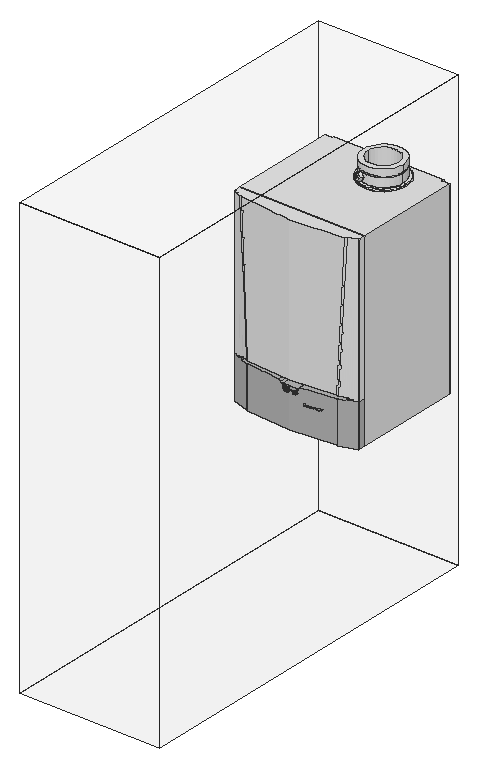
Revit family "Remeha_QuintaPro55_LOD-5", category Mechanical Equipment, Revit 2015
Parameters (values of type "Quinta Pro 55")
  Weekly = "0"
  Water Treatment Required = yes
  Water Content = 6.4 L
  Warranty ID = ""
  Voltage = 230 V
  URL = "http://www.remeha.co.uk"
  Type Comments = ""
  Type = "Space heating"
  Turndown Ratio = "4.9"
  Supply Phase = 1
  Starting Current = 0 A
  Sound Pressure Level = "45 dBA"
  Shipping Weight = 66.00 kg
  Shape = "Rectangular (Vertical)"
  Safety Valve Connection Type = "Unset"
  Safety Valve Connection Size = 0.000 mm
  Responsible Sourcing of Materials = "0"
  Responsible Extraction of Materials = "0"
  Reference Standard = "2009/142EC 92/42EEC"
  Rated Output = 55300 W
  Rated Criteria = "80/60"
  Quarterly = "0"
  Product Range = "Quinta Pro 55"
  Product Model Number = "7678435"
  Product Literature = "https://www.remeha.co.uk/en/Products/Wall-Hung-Range/Quinta-Pro"
  Primary Fuel = "Gas - NG"
  Overall Width = 500.000 mm
  Overall Length = 500.000 mm
  Overall Height = 750.000 mm
  Optional Fuel = "Gas - LPG"
  Operation and Maintenance Manual = "https://www.remeha.co.uk/en/Products/Wall-Hung-Range/Quinta-Pro"
  Oil Consumption rate = 0
  Nominal Oil Inlet Pressure = 0.00 bar
  Nominal Gas Inlet Pressure = 0.017 bar
  NOx Emissions = "32 mg/kWh"
  Mounting = "Wall Mounted"
  Monthly = "0"
  Model = "Quinta Pro 55"
  Minimum Power Consumption = 23 W
  Minimum Operating Pressure = 0.80 bar
  Minimum Oil Inlet Pressure = 0.00 bar
  Minimum Gas Inlet Pressure = 0.017 bar
  Minimum Flow Rate at 20C temperature differential = 0.66 L/s
  Minimum Flow Rate at 11C temperature differential = 1.2 L/s
  Maximum Power Consumption = 88 W
  Maximum Operating Pressure = 4.00 bar
  Maximum Oil Inlet Pressure = 0.00 bar
  Maximum Gas Inlet Pressure = 0.025 bar
  Material Ingredient Reporting = "0"
  Manufacturer Website = "http://www.remeha.co.uk/"
  Manufacturer = "Remeha Commercial"  # constant formula
  Maintenance Required 8001 to 12000hrs = "0"
  Maintenance Required 601 to 1000hrs = "0"
  Maintenance Required 4001 to 8000hrs = "0"
  Maintenance Required 301 to 600hrs = "0"
  Maintenance Required 2001 to 4000hrs = "0"
  Maintenance Required 1001 to 2000hrs = "0"
  Maintenance Required 0 to 300hrs = "0"
  Location of Manufacturer = "0"
  Life Cycle Analysis = "0"
  Keynote = "Flue Connection size can vary between 100/150 concentric."
  Interlocks = yes
  IfcExportType = "NOTDEFINED"  # constant formula
  IfcExportAs = "IfcBoilerType"  # constant formula
  IP Rating = "X4D"
  IK Rating = "0"
  Hydraulic Resistance at 20C temperature differential = 0.13 bar
  Hydraulic Resistance at 11C temperature differential = 0.43 bar
  Heater Operation = "Condensing"
  Heat Exchanger Material = "Aluminium"
  Gross Weight = 66.40 kg
  Green Guide for Specification = "0"
  Gas Consumption rate = "6.0 m3/h"
  Fuse Rating = 6.3 A
  Full Load Current = 0 A
  Fuel Connection Type = "Threaded"
  Fuel Connection Size = 20.000 mm
  Frequency = 50 Hz
  Flue or Air Intake Classification = "B23,B23P,B33,C13,C33,C43,C53,C63,C83,C93"
  Flue Connection size = 100.000 mm
  Flow and Return Connection Type = "Threaded"
  Flow and Return Connection Size = 32.000 mm
  Finish = "High Polish Gardner 60 GRAD 91EH"
  Features = "Remeha's Quinta Pro range are compact high efficiency wall hung condensing boilers. Lighter and more efficienct, their small size make them ideally suited to modular arrangments"
  External Material = "Steel"
  Expected Life = "15"
  ErP Seasonal Efficiency = "93.0%"
  ErP Rated Efficiency at Part Load = "97.9%"
  ErP Rated Efficiency at Full Load = "88.1%"
  ErP Energy Label = "A"
  Environmental Product Declaration = "0"
  Energy Technology List = "0"
  Embodied Carbon = "0"
  Drain Connection Type = "Unset"
  Drain Connection Size = 0.000 mm
  Description = "Condensing Boiler"  # constant formula
  Default Elevation = 0.000 mm  # constant formula
  Daily = "0"
  Control Type = "0 - 10V, Open Therm, Volt free enable, Direct boiler weather compensating control systems available from Remeha as optional extra's."
  Configuration = "Single boiler"
  Condensate Drain Type = "Plain"
  Condensate Drain Size = 32.000 mm
  Colour = "RAL 9016"
  Clearance Box Visibility [instance] = yes
  Classification.Uniclass.Pr.Number [instance] = "Pr_60_60_08_34"
  Classification.Uniclass.Pr.Description [instance] = "Gas fired Condensing Boilers"
  CE Mark = "0063CL3333"
  Burner Control Type = "Modulating"
  Building Regulations Seasonal Efficiency = "96.04%"
  Bespoke Timeframe = "0"
  BMS Links = yes
  Assembly Code = "D3020100"
  Annually = "As per attached URL O & M Manual"
  Air Inlet Connection Size = 150.000 mm
  Additional Technical Details = "https://www.remeha.co.uk/en/Products/Wall-Hung-Range/Quinta-Pro"
  Access Clearance Top = 400.000 mm
  Access Clearance Right = 30.000 mm
  Access Clearance Rear = 0.000 mm
  Access Clearance Left = 30.000 mm
  Access Clearance Front = 1000.000 mm
  Access Clearance Bottom = 600.000 mm
  6 Monthly = "0"
Reference planes
  plane 1 "Center (Front/Back)": y = 0
  plane 2: z = 0
  plane 3 "Center (Left/Right)": x = 0
  plane 4: x = -250
  plane 5: x = 250
  plane 6: y = 250
  plane 7: y = -250
  plane 8: z = 1364.999
  plane 9: y = -1250
  plane 10: x = -280
  plane 11: x = 280
  plane 12: z = 1764.999
  plane 13: z = 0
  plane 14: z = 608.649
  plane 15: z = 614.999
  plane 16: y = 250
  plane 17: z = 600
Forms (mm)
  Sweep 1, solid, material "Glass - Clear - Amber", visible <- "Clearance Box Visibility"
    path origin (0, 0, 240) x (1, 0, 0) y (0, 0, 1)
      loop
        line (0, 1524.999) -> (0, -240)
    profile origin (0, 0, 882.5) x (0, -1, 0) y (1, 0, 0)
      loop
        line (-250, -280) -> (1250, -280) -> (1250, 280) -> (-250, 280) -> (-250, -280)
Dimensions and locks
  equal spacing: plane 4, plane 3 "Center (Left/Right)", plane 5
  plane 4 to plane 5 = 500.000 mm
  equal spacing: plane 7, plane 1 "Center (Front/Back)", plane 6
  plane 7 to plane 6 = 500.000 mm
  plane 7 to plane 9 = 1000.000 mm
  plane 10 to plane 4 = 30.000 mm
  plane 5 to plane 11 = 30.000 mm
  plane 12 to plane 8 = 400.000 mm
  locked: plane 15 to plane 14 at 6.35
  plane 8 to plane 15 = 750.000 mm
  plane 16 to plane 6 = 0.000 mm
  locked: plane 15 to plane 17 at 14.999
  plane 17 to level = 600.000 mm
  aligned and locked: level to plane 2
  aligned and locked: plane 3 "Center (Left/Right)" to nested 1
  aligned and locked: plane 1 "Center (Front/Back)" to nested 1
  aligned and locked: Sweep 1 sketch curve to plane 3 "Center (Left/Right)"
  aligned and locked: plane 12 to Sweep 1 sketch curve
  aligned and locked: plane 13 to Sweep 1 sketch curve
  aligned and locked: plane 16 to Sweep 1 sketch curve
  aligned and locked: plane 10 to Sweep 1 sketch curve
  aligned and locked: Sweep 1 sketch curve to plane 11
  aligned and locked: plane 9 to Sweep 1 sketch curve
  aligned and locked: plane 8 to nested 1
Nested families
  nested 1: "Quinta-Pro_30-115" at (0, 0, 600), type "Quinta-Pro_30-115"
Connectors
  piping at (23.524, 63.109, 1391.639), diameter 21.83
    settings: on nested 1, index 2, connector inside diameter 21.830 mm, connector length 0.000 mm, flow factor 0, pipe flow 0 L/s, pressure drop 0.00 Pa, fitting loss kfactor 0, connector angle 0.00°, fixture units 0, engagement length 0.000 mm, angle of deflection 0.00°, flow configuration 0, flow direction 2, fitting loss method 0, system type 22, joint type 0, gender type 0, connector reference index -1, connector utility 0, adjustable connector no, is connector primary yes, connector description "Outlet For Measuring Combustion Gases"
  electrical at (250, 100.992, 986.824)
    settings: on nested 1, index 3, voltage 230 V, apparent load 0 VA, apparent load phase1 0 VA, apparent load phase2 0 VA, apparent load phase3 0 VA, power factor 1, load classification "Power", number of poles 1, system type 30, power factor state 1, is connector primary yes, connector utility yes, sub classification motor yes, connector description "Power"
  piping at (-115, 200, 605.931), diameter 32
    settings: on nested 1, index 4, connector inside diameter 31.750 mm, connector length 0.000 mm, flow factor 0, pipe flow 0 L/s, pressure drop 0.00 Pa, fitting loss kfactor 0, connector angle 0.00°, fixture units 0, engagement length 0.000 mm, angle of deflection 0.00°, flow configuration 0, flow direction 2, fitting loss method 0, system type 19, joint type 0, gender type 0, connector reference index -1, connector utility 1, adjustable connector no, is connector primary no, connector description "Heating Circuit Return"
  piping at (59, 200, 605.931), diameter 32
    settings: on nested 1, index 5, connector inside diameter 19.000 mm, connector length 0.000 mm, flow factor 0, pipe flow 0 L/s, pressure drop 0.00 Pa, fitting loss kfactor 0, connector angle 0.00°, fixture units 0, engagement length 0.000 mm, angle of deflection 0.00°, flow configuration 0, flow direction 2, fitting loss method 0, system type 16, joint type 0, gender type 0, connector reference index -1, connector utility 1, adjustable connector no, is connector primary no, connector description "Siphon Connection Bush"
  piping at (120, 200, 605.931), diameter 32
    settings: on nested 1, index 6, connector inside diameter 31.750 mm, connector length 0.000 mm, flow factor 0, pipe flow 0 L/s, pressure drop 0.00 Pa, fitting loss kfactor 0, connector angle 0.00°, fixture units 0, engagement length 0.000 mm, angle of deflection 0.00°, flow configuration 0, flow direction 1, fitting loss method 0, system type 7, joint type 0, gender type 0, connector reference index -1, connector utility 1, adjustable connector no, is connector primary no, connector description "Heating Circuit Flow"
  piping at (200, 200, 605.931), diameter 20
    settings: on nested 1, index 7, connector inside diameter 19.000 mm, connector length 0.000 mm, flow factor 0, pipe flow 0 L/s, pressure drop 0.00 Pa, fitting loss kfactor 0, connector angle 0.00°, fixture units 0, engagement length 0.000 mm, angle of deflection 0.00°, flow configuration 0, flow direction 1, fitting loss method 0, system type 22, joint type 0, gender type 0, connector reference index -1, connector utility 1, adjustable connector no, is connector primary no, connector description "Gas Connection"
  hvac at (59, 150, 1437.229)
    settings: on nested 1, index 8, duct flow 0 m³/h, flow factor 0, pres drop 0.00 bar, loss coef 0, conn angle 0.00°, conn width 12", conn height 12", conn diameter 5.90551", duct sys type 1, conn prof type 0, flow config 0, flow direction 1, loss method 0, conn ref index -1, conn util yes, is conn primary yes, conn desc "Air Intake Connection"
Definition of nested family "Quinta-Pro_30-115"
  Parameters (values of type "Quinta-Pro_30-115")
    Voltage = 230000 V  # constant formula
    URL = "http://www.remeha.co.uk"
    Type Comments = ""
    Text Material = none
    Siphon Connection Bush Offset = 191.000 mm  # constant formula
    Power Factor = 1
    Number of Poles = 1
    Model = "Quinta Pro"  # constant formula
    Manufacturer = ""
    Logo = none
    Load Sub-Classification Motor = yes
    Load Classification = none
    Keynote = ""
    Heating Circuit Return Offset = 365.000 mm  # constant formula
    Heating Circuit Return Connection Size = 31.750 mm  # constant formula
    Heating Circuit Return Connection Radius = Heating Circuit Return Connection Size / 2  # 15.875 mm
    Heating Circuit Flow Connection Size = 31.750 mm  # constant formula
    Heating Circuit Flow Offset = 130.000 mm  # constant formula
    Heating Circuit Flow Connection Radius = Heating Circuit Flow Connection Size / 2  # 15.875 mm
    Gas Connection Size = 19.050 mm  # constant formula
    Gas Connection Radius = Gas Connection Size / 2  # 9.525 mm
    Gas Connection Offset = 50.000 mm  # constant formula
    Description = "Wall-Hung Gas Condensing Boilers"  # constant formula
    Default Elevation = 1219.200 mm
    Cost = 0
    Combustion Gas Exhaust Pipe Size = 80.000 mm  # constant formula
    Combustion Gas Exhaust Pipe Radius = Combustion Gas Exhaust Pipe Size / 2  # 40.000 mm
    Casing = none
    Flue Gas Outlet Offset = 191.000 mm  # constant formula
    Instrument Box Panel = none
    Bolier Height = 750.000 mm  # constant formula
    Boiler Width = 500.000 mm  # constant formula
    Boiler Depth = 500.000 mm  # constant formula
    Assembly Code = ""
    Apparent Load = 0 VA
  Reference planes
    plane 1 "Center (Front/Back)": y = 0
    plane 2: z = 0
    plane 3 "Center (Left/Right)": x = 0
    plane 4 "Left": x = -250
    plane 5 "Right": x = 250
    plane 6 "Back": y = 250
    plane 7 "Front": y = -250
    plane 8: z = 764.999
    plane 9: z = 389.999
    plane 10: x = 59
    plane 11: y = -182.5
    plane 12: y = 244.5
    plane 13: z = 8.649
    plane 14: y = 150
    plane 15: z = 777.088
    plane 16: z = 758.649
    plane 17: z = 14.999
    plane 18: y = -148.4
    plane 19: x = -199.2
    plane 20: x = 199.2
    plane 21 "Gas Connection": x = 200
    plane 22 "Heating Circuit Flow": x = 120
    plane 23 "Siphon Connection Bush": x = 59
    plane 24 "Heating Circuit Return": x = -115
    plane 25 "Connection Center": y = 200
    plane 26: y = 91.011
    plane 27: y = 72.791
    plane 28: y = 70
  Forms (mm)
    Extrusion 1, solid, material <- "Casing"
      sketch origin (0, 0, 0) x (1, 0, 0) y (0, 1, 0)
        loop
          arc (250, 242.738) -> (249.484, 243.984) -> (248.238, 244.5) r 1.762
          line (248.238, 244.5) -> (220, 244.5) -> (220, 250) -> (-220, 250) -> (-220, 244.5) -> (-248.238, 244.5)
          arc (-248.238, 244.5) -> (-249.484, 243.984) -> (-250, 242.738) r 1.762
          line (-250, 242.738) -> (-250, -182.5) -> (-235, -182.5) -> (-235, 229.5) -> (-219, 229.5) -> (-219, 249) -> (219, 249) -> (219, 229.5) -> (235, 229.5) -> (235, -182.5) -> (250, -182.5) -> (250, 242.738)
      from 8.649 to 764.999
    Extrusion 2, solid, material <- "Casing"
      sketch origin (0, 0, 0) x (0, 1, 0) y (0, 0, 1)
        loop
          line (-99.375, 8.649) -> (-97.367, 6.256)
          arc (-97.367, 6.256) -> (-97.054, 6.016) -> (-96.67, 5.931) r 0.911
          line (-96.67, 5.931) -> (-76.196, 5.931) -> (-76.196, 0) -> (150, 0) -> (150, 8.649) -> (-99.375, 8.649)
      from -199.2 to 199.2
    Blend 3, solid, material <- "Instrument Box Panel"
      base sketch origin (0, 0, 0) x (1, 0, 0) y (0, 1, 0)
        loop
          arc (-250, -182.5) -> (-249.823, -195.637) -> (-249.594, -208.773) r 3295.839
          arc (-249.594, -208.773) -> (-249.292, -209.77) -> (-248.514, -210.463) r 1.923
          line (-248.514, -210.463) -> (-183.427, -232.262)
          arc (-183.427, -232.262) -> (-180.168, -233.196) -> (-176.84, -233.842) r 38.644
          arc (-176.84, -233.842) -> (0, -246.921) -> (176.84, -233.842) r 1202.062
          arc (176.84, -233.842) -> (180.168, -233.196) -> (183.427, -232.262) r 38.644
          line (183.427, -232.262) -> (248.514, -210.463)
          arc (248.514, -210.463) -> (249.292, -209.77) -> (249.594, -208.773) r 1.923
          arc (249.594, -208.773) -> (249.823, -195.637) -> (250, -182.5) r 3295.839
          line (250, -182.5) -> (-250, -182.5)
      top sketch origin (0, 0, 0) x (1, 0, 0) y (0, 1, 0)
        loop
          arc (-250, -182.5) -> (-249.823, -195.637) -> (-249.594, -208.773) r 3295.839
          arc (-249.594, -208.773) -> (-249.292, -209.77) -> (-248.514, -210.463) r 1.923
          line (-248.514, -210.463) -> (-183.427, -232.262)
          arc (-183.427, -232.262) -> (-180.168, -233.196) -> (-176.84, -233.842) r 38.644
          arc (-176.84, -233.842) -> (0, -246.921) -> (176.84, -233.842) r 1202.062
          arc (176.84, -233.842) -> (180.168, -233.196) -> (183.427, -232.262) r 38.644
          line (183.427, -232.262) -> (248.514, -210.463)
          arc (248.514, -210.463) -> (249.292, -209.77) -> (249.594, -208.773) r 1.923
          arc (249.594, -208.773) -> (249.823, -195.637) -> (250, -182.5) r 3295.839
          line (250, -182.5) -> (-250, -182.5)
      from 8.649 to 180.024
    Revolve 4, solid, material <- "Casing"
      sketch origin (-1.562, 19.372, 801.736) x (1, 0, 0) y (0, 0.97437, -0.224951)
        loop
          line (27.988, 75.935) -> (18.374, 55.317) -> (27.882, 50.883) -> (37.497, 71.501) -> (27.988, 75.935)
        loop
          line (17.023, 60.343) -> (12.543, 50.737) -> (24.634, 45.099) -> (25.144, 46.194) -> (13.507, 51.621) -> (17.264, 59.679) -> (18.196, 59.244) -> (17.091, 56.875) -> (17.881, 56.507) -> (19.197, 59.329) -> (17.023, 60.343)
        axis (25.087, 44.888) -> (37.497, 71.501)
      angle from 0 to 360
    Revolve 5, solid, material <- "Casing"
      sketch origin (0, 49.595, 777.088) x (0, -1, 0) y (1, 0, 0)
        loop
          arc (-105.594, 135.171) -> (-103.001, 135.318) -> (-100.405, 135.378) r 77.22
          line (-100.405, 135.378) -> (-100.405, 137.388)
          arc (-100.405, 137.388) -> (-103.302, 137.334) -> (-106.196, 137.174) r 78.405
          arc (-106.196, 137.174) -> (-106.609, 135.957) -> (-105.594, 135.171) r 1.106
        axis (-100.405, 135.171) -> (-100.405, 137.388)
      angle from 0 to 360
    Extrusion 6, solid, material <- "Casing"
      sketch origin (0, 49.595, 777.088) x (0, -1, 0) y (1, 0, 0)
        loop
          line (-194.905, -220) -> (-194.905, -248.238)
          arc (-194.905, -248.238) -> (-194.388, -249.484) -> (-193.143, -250) r 1.762
          line (-193.143, -250) -> (232.095, -250) -> (232.095, 250) -> (-193.142, 250)
          arc (-193.142, 250) -> (-194.388, 249.484) -> (-194.905, 248.238) r 1.762
          line (-194.905, 248.238) -> (-194.905, 220) -> (-200.405, 220) -> (-200.405, -220) -> (-194.905, -220)
        loop
          circle (-100.405, 59) r 59
      from -12.088 to -18.438
    Extrusion 7, solid, material <- "Casing"
      sketch origin (0, 49.595, 777.088) x (0, -1, 0) y (1, 0, 0)
        loop
          line (232.095, 250) -> (-193.142, 250)
          arc (-193.142, 250) -> (-194.388, 249.484) -> (-194.905, 248.238) r 1.762
          line (-194.905, 248.238) -> (-194.905, 220) -> (-200.405, 220) -> (-200.405, -220) -> (-194.905, -220) -> (-194.905, -248.238)
          arc (-194.905, -248.238) -> (-194.388, -249.484) -> (-193.143, -250) r 1.762
          line (-193.143, -250) -> (232.095, -250) -> (232.095, 250)
      from -768.438 to -762.088
    Sweep 8, solid, material <- "Casing"
      path origin (-1074.8, -4572, 764.999) x (-1, 0, 0) y (0, -1, 0)
        loop
          circle (-1133.8, -4722) r 91.016
      profile "Outlet Pipe Profile : Outlet Pipe Profile" origin (59, 58.984, 764.999) x (0, 1, 0) y (0, 0, 1)
        loop
          line (11.016, 72.23) -> (11.016, 44.43)
          arc (11.016, 44.43) -> (11.135, 44.047) -> (11.449, 43.797) r 0.68
          arc (11.449, 43.797) -> (11.914, 43.426) -> (12.086, 42.857) r 1
          line (12.086, 42.857) -> (11.774, 7.107)
          arc (11.774, 7.107) -> (11.52, 6.45) -> (10.896, 6.123) r 1
          line (10.896, 6.123) -> (-0.284, 4.75)
          arc (-0.284, 4.75) -> (-1.366, 4.263) -> (-1.981, 3.249) r 2
          line (-1.981, 3.249) -> (-2.791, 0) -> (29.236, 0) -> (29.236, 72.23) -> (11.016, 72.23)
    Revolve 9, solid, material <- "Casing"
      sketch origin (-57.453, 150.893, 777.088) x (-0.866025, -0.5, 0) y (0.5, -0.866025, 0)
        loop
          arc (-105.594, 135.171) -> (-103.001, 135.318) -> (-100.405, 135.378) r 77.22
          line (-100.405, 135.378) -> (-100.405, 137.388)
          arc (-100.405, 137.388) -> (-103.302, 137.334) -> (-106.196, 137.174) r 78.405
          arc (-106.196, 137.174) -> (-106.609, 135.957) -> (-105.594, 135.171) r 1.106
        axis (-100.405, 135.171) -> (-100.405, 137.388)
      angle from 0 to 360
    Revolve 10, solid, material <- "Casing"
      sketch origin (118, 250.405, 777.088) x (0, 1, 0) y (-1, 0, 0)
        loop
          arc (-105.594, 135.171) -> (-103.001, 135.318) -> (-100.405, 135.378) r 77.22
          line (-100.405, 135.378) -> (-100.405, 137.388)
          arc (-100.405, 137.388) -> (-103.302, 137.334) -> (-106.196, 137.174) r 78.405
          arc (-106.196, 137.174) -> (-106.609, 135.957) -> (-105.594, 135.171) r 1.106
        axis (-100.405, 135.171) -> (-100.405, 137.388)
      angle from 0 to 360
    Revolve 11, solid, material <- "Casing"
      sketch origin (175.453, 149.107, 777.088) x (0.866025, 0.5, 0) y (-0.5, 0.866025, 0)
        loop
          arc (-105.594, 135.171) -> (-103.001, 135.318) -> (-100.405, 135.378) r 77.22
          line (-100.405, 135.378) -> (-100.405, 137.388)
          arc (-100.405, 137.388) -> (-103.302, 137.334) -> (-106.196, 137.174) r 78.405
          arc (-106.196, 137.174) -> (-106.609, 135.957) -> (-105.594, 135.171) r 1.106
        axis (-100.405, 135.171) -> (-100.405, 137.388)
      angle from 0 to 360
    Revolve 12, solid, material <- "Casing"
      sketch origin (116.453, 48.702, 777.088) x (0.866025, -0.5, 0) y (0.5, 0.866025, 0)
        loop
          arc (-105.594, 135.171) -> (-103.001, 135.318) -> (-100.405, 135.378) r 77.22
          line (-100.405, 135.378) -> (-100.405, 137.388)
          arc (-100.405, 137.388) -> (-103.302, 137.334) -> (-106.196, 137.174) r 78.405
          arc (-106.196, 137.174) -> (-106.609, 135.957) -> (-105.594, 135.171) r 1.106
        axis (-100.405, 135.171) -> (-100.405, 137.388)
      angle from 0 to 360
    Extrusion 13, void
      sketch origin (-370.964, 150, 1219.2) x (1, 0, 0) y (0, 0, 1)
        loop
          line (159.87, -1041.919) -> (159.874, -1043.636) -> (325.964, -1043.636) -> (332.924, -1050.597)
          arc (332.924, -1050.597) -> (336.963, -1053.295) -> (341.726, -1054.243) r 12.447
          line (341.726, -1054.243) -> (400.201, -1054.243)
          arc (400.201, -1054.243) -> (404.965, -1053.295) -> (409.003, -1050.597) r 12.447
          line (409.003, -1050.597) -> (415.964, -1043.636) -> (582.054, -1043.636) -> (582.058, -1041.919)
          arc (582.058, -1041.919) -> (581.902, -1041.443) -> (581.493, -1041.154) r 0.798
          line (581.493, -1041.154) -> (604.317, -1039.176) -> (604.317, -1037.752)
          arc (604.317, -1037.752) -> (604.184, -1037.349) -> (603.838, -1037.105) r 0.676
          line (603.838, -1037.105) -> (581.08, -1030.147) -> (160.847, -1030.147) -> (138.089, -1037.105)
          arc (138.089, -1037.105) -> (137.743, -1037.349) -> (137.611, -1037.752) r 0.676
          line (137.611, -1037.752) -> (137.611, -1039.176) -> (160.434, -1041.154)
          arc (160.434, -1041.154) -> (160.026, -1041.443) -> (159.87, -1041.919) r 0.798
      from 360.463 to 398.389
    Blend 14, solid, material <- "Casing"
      base sketch origin (0, 0, 0) x (1, 0, 0) y (0, 1, 0)
        loop
          arc (-250, -182.5) -> (-249.823, -195.637) -> (-249.594, -208.773) r 3295.839
          arc (-249.594, -208.773) -> (-249.292, -209.77) -> (-248.514, -210.463) r 1.923
          line (-248.514, -210.463) -> (-183.427, -232.262)
          arc (-183.427, -232.262) -> (-180.168, -233.196) -> (-176.84, -233.842) r 38.644
          arc (-176.84, -233.842) -> (0, -246.921) -> (176.84, -233.842) r 1202.062
          arc (176.84, -233.842) -> (180.168, -233.196) -> (183.427, -232.262) r 38.644
          line (183.427, -232.262) -> (248.514, -210.463)
          arc (248.514, -210.463) -> (249.292, -209.77) -> (249.594, -208.773) r 1.923
          arc (249.594, -208.773) -> (249.823, -195.637) -> (250, -182.5) r 3295.839
          line (250, -182.5) -> (-250, -182.5)
      top sketch origin (0, 0, 0) x (1, 0, 0) y (0, 1, 0)
        loop
          arc (-250, -182.5) -> (-249.823, -195.637) -> (-249.594, -208.773) r 3295.839
          arc (-249.594, -208.773) -> (-249.292, -209.77) -> (-248.514, -210.463) r 1.923
          line (-248.514, -210.463) -> (-217.493, -225.594)
          arc (-217.493, -225.594) -> (-212.47, -227.621) -> (-207.214, -228.926) r 38.644
          arc (-207.214, -228.926) -> (0, -246.921) -> (207.214, -228.926) r 1202.062
          arc (207.214, -228.926) -> (212.47, -227.621) -> (217.493, -225.594) r 38.644
          line (217.493, -225.594) -> (248.514, -210.463)
          arc (248.514, -210.463) -> (249.292, -209.77) -> (249.594, -208.773) r 1.923
          arc (249.594, -208.773) -> (249.823, -195.637) -> (250, -182.5) r 3295.839
          line (250, -182.5) -> (-250, -182.5)
      from 180.024 to 764.999
    Extrusion 15, solid, material <- "Casing"
      sketch origin (0, -175, 8.649) x (0, 1, 0) y (-1, 0, 0)
        loop
          circle (375, -200) r 9.525
        loop
          circle (375, -120) r 15.875
        loop
          circle (375, -59) r 9.5
        loop
          circle (375, 115) r 15.875
      from 0 to -2.718
    Extrusion 16, solid, material <- "Text Material"
      sketch origin (-370.964, 150, 1219.2) x (-1, 0, 0) y (0, 0, 1)
        loop
          line (-342.331, -1057.834) -> (-403.581, -1057.834) -> (-403.581, -1060.015) -> (-342.331, -1060.015) -> (-342.331, -1057.834)
        loop
          line (-342.331, -1072.197) -> (-342.331, -1070.015) -> (-403.581, -1070.015) -> (-403.581, -1072.197) -> (-342.331, -1072.197)
        loop
          line (-344.649, -1061.552) -> (-352.151, -1061.552) -> (-354.676, -1061.552)
          arc (-354.676, -1061.552) -> (-356.633, -1063.194) -> (-355.355, -1065.407) r 1.987
          arc (-355.355, -1065.407) -> (-356.071, -1065.96) -> (-356.338, -1066.825) r 1.5
          arc (-356.338, -1066.825) -> (-356.395, -1067.893) -> (-356.58, -1068.947) r 8.915
          line (-356.58, -1068.947) -> (-355.124, -1068.947)
          arc (-355.124, -1068.947) -> (-354.873, -1068.071) -> (-354.873, -1067.161) r 3.272
          arc (-354.873, -1067.161) -> (-354.642, -1066.382) -> (-353.903, -1066.045) r 0.979
          line (-353.903, -1066.045) -> (-352.151, -1066.045) -> (-352.151, -1068.947) -> (-344.649, -1068.947) -> (-344.649, -1061.552)
        loop
          line (-352.151, -1062.826) -> (-353.98, -1062.826)
          arc (-353.98, -1062.826) -> (-354.451, -1062.953) -> (-354.797, -1063.298) r 0.944
          arc (-354.797, -1063.298) -> (-354.923, -1063.803) -> (-354.808, -1064.311) r 1.124
          arc (-354.808, -1064.311) -> (-354.586, -1064.695) -> (-354.169, -1064.847) r 0.649
          line (-354.169, -1064.847) -> (-352.151, -1064.847) -> (-352.151, -1062.826)
        loop
          line (-346.008, -1062.826) -> (-350.754, -1062.826) -> (-350.754, -1067.573) -> (-346.008, -1067.573) -> (-346.008, -1062.826)
        loop
          line (-363.888, -1063.475) -> (-363.888, -1064.438)
          arc (-363.888, -1064.438) -> (-364.73, -1063.506) -> (-365.976, -1063.339) r 1.823
          line (-365.976, -1063.339) -> (-365.976, -1064.913)
          arc (-365.976, -1064.913) -> (-365.498, -1064.732) -> (-364.988, -1064.75) r 1.291
          arc (-364.988, -1064.75) -> (-364.275, -1065.207) -> (-363.998, -1066.006) r 1.291
          line (-363.998, -1066.006) -> (-363.998, -1068.947) -> (-362.486, -1068.947) -> (-362.486, -1063.475) -> (-363.888, -1063.475)
        loop
          arc (-367.817, -1066.524) -> (-368.732, -1067.935) -> (-370.252, -1067.213) r 1.276
          line (-370.252, -1067.213) -> (-371.562, -1067.213)
          arc (-371.562, -1067.213) -> (-368.726, -1069.037) -> (-366.394, -1066.602) r 2.651
          arc (-366.394, -1066.602) -> (-368.989, -1063.348) -> (-371.679, -1066.524) r 2.694
          line (-371.679, -1066.524) -> (-367.817, -1066.524)
        loop
          arc (-367.809, -1065.608) -> (-369.029, -1064.388) -> (-370.249, -1065.608) r 1.22
          line (-370.249, -1065.608) -> (-367.809, -1065.608)
        loop
          arc (-374.293, -1064.241) -> (-375.879, -1063.292) -> (-377.494, -1064.191) r 1.848
          arc (-377.494, -1064.191) -> (-379.18, -1063.309) -> (-380.866, -1064.191) r 2.053
          arc (-380.866, -1064.191) -> (-381.087, -1064.726) -> (-381.063, -1065.304) r 1.349
          line (-381.063, -1065.304) -> (-381.063, -1068.84) -> (-379.621, -1068.84) -> (-379.621, -1065.41)
          arc (-379.621, -1065.41) -> (-378.679, -1064.468) -> (-377.737, -1065.41) r 0.942
          line (-377.737, -1065.41) -> (-377.737, -1068.84) -> (-376.274, -1068.84) -> (-376.274, -1065.41)
          arc (-376.274, -1065.41) -> (-375.313, -1064.449) -> (-374.352, -1065.41) r 0.961
          line (-374.352, -1065.41) -> (-374.352, -1068.84) -> (-372.89, -1068.84) -> (-372.89, -1063.452) -> (-374.293, -1063.452) -> (-374.293, -1064.241)
        loop
          arc (-383.791, -1066.524) -> (-384.707, -1067.935) -> (-386.227, -1067.213) r 1.276
          line (-386.227, -1067.213) -> (-387.536, -1067.213)
          arc (-387.536, -1067.213) -> (-384.701, -1069.037) -> (-382.369, -1066.602) r 2.651
          arc (-382.369, -1066.602) -> (-384.963, -1063.348) -> (-387.653, -1066.524) r 2.694
          line (-387.653, -1066.524) -> (-383.791, -1066.524)
        loop
          arc (-383.783, -1065.608) -> (-385.004, -1064.388) -> (-386.224, -1065.608) r 1.22
          line (-386.224, -1065.608) -> (-383.783, -1065.608)
        loop
          line (-390.32, -1061.424) -> (-390.32, -1064.191)
          arc (-390.32, -1064.191) -> (-392.472, -1063.299) -> (-393.89, -1065.147) r 1.913
          line (-393.89, -1065.147) -> (-393.89, -1068.812) -> (-392.364, -1068.812) -> (-392.364, -1065.608)
          arc (-392.364, -1065.608) -> (-391.342, -1064.35) -> (-390.32, -1065.608) r 1.044
          line (-390.32, -1065.608) -> (-390.32, -1068.812) -> (-388.777, -1068.812) -> (-388.777, -1061.424) -> (-390.32, -1061.424)
        loop
          arc (-395.198, -1065.135) -> (-395.629, -1064.048) -> (-396.628, -1063.441) r 1.837
          arc (-396.628, -1063.441) -> (-397.729, -1063.318) -> (-398.83, -1063.441) r 4.994
          arc (-398.83, -1063.441) -> (-399.692, -1063.798) -> (-400.049, -1064.66) r 1.219
          line (-400.049, -1064.66) -> (-400.049, -1067.716)
          arc (-400.049, -1067.716) -> (-400.104, -1068.28) -> (-400.268, -1068.822) r 2.901
          line (-400.268, -1068.822) -> (-398.797, -1068.822)
          arc (-398.797, -1068.822) -> (-398.678, -1068.434) -> (-398.629, -1068.031) r 2.328
          arc (-398.629, -1068.031) -> (-398.182, -1068.683) -> (-397.433, -1068.932) r 1.24
          arc (-397.433, -1068.932) -> (-396.412, -1068.917) -> (-395.463, -1068.538) r 2.817
          arc (-395.463, -1068.538) -> (-395.003, -1067.474) -> (-395.346, -1066.367) r 1.672
          arc (-395.346, -1066.367) -> (-395.966, -1065.869) -> (-396.746, -1065.714) r 1.672
          arc (-396.746, -1065.714) -> (-397.542, -1065.655) -> (-398.303, -1065.412) r 3.395
          arc (-398.303, -1065.412) -> (-398.628, -1064.854) -> (-398.211, -1064.361) r 0.559
          arc (-398.211, -1064.361) -> (-397.737, -1064.306) -> (-397.267, -1064.382) r 1.739
          arc (-397.267, -1064.382) -> (-396.839, -1064.654) -> (-396.678, -1065.135) r 0.76
          line (-396.678, -1065.135) -> (-395.198, -1065.135)
        loop
          arc (-396.531, -1067) -> (-396.984, -1066.531) -> (-397.628, -1066.428) r 1.029
          arc (-397.628, -1066.428) -> (-398.165, -1066.368) -> (-398.593, -1066.038) r 0.999
          line (-398.593, -1066.038) -> (-398.593, -1066.824)
          arc (-398.593, -1066.824) -> (-398.389, -1067.474) -> (-397.851, -1067.892) r 1.14
          arc (-397.851, -1067.892) -> (-397.344, -1067.974) -> (-396.844, -1067.857) r 1.324
          arc (-396.844, -1067.857) -> (-396.539, -1067.483) -> (-396.531, -1067) r 0.737
        loop
          line (-390.34, -1072.933) -> (-392.947, -1072.933)
          arc (-392.947, -1072.933) -> (-393.771, -1073.274) -> (-394.112, -1074.098) r 1.165
          line (-394.112, -1074.098) -> (-394.112, -1075.495)
          arc (-394.112, -1075.495) -> (-393.771, -1076.319) -> (-392.947, -1076.661) r 1.165
          line (-392.947, -1076.661) -> (-390.34, -1076.661)
          arc (-390.34, -1076.661) -> (-389.516, -1076.319) -> (-389.175, -1075.495) r 1.165
          line (-389.175, -1075.495) -> (-389.175, -1074.098)
          arc (-389.175, -1074.098) -> (-389.516, -1073.274) -> (-390.34, -1072.933) r 1.165
        loop
          arc (-392.489, -1073.839) -> (-392.85, -1073.989) -> (-393, -1074.35) r 0.51
          line (-393, -1074.35) -> (-393, -1075.243)
          arc (-393, -1075.243) -> (-392.85, -1075.604) -> (-392.489, -1075.754) r 0.511
          line (-392.489, -1075.754) -> (-390.798, -1075.754)
          arc (-390.798, -1075.754) -> (-390.437, -1075.604) -> (-390.287, -1075.243) r 0.511
          line (-390.287, -1075.243) -> (-390.287, -1074.35)
          arc (-390.287, -1074.35) -> (-390.437, -1073.989) -> (-390.798, -1073.839) r 0.511
          line (-390.798, -1073.839) -> (-392.489, -1073.839)
        loop
          line (-383.933, -1076.693) -> (-383.933, -1072.968) -> (-387.353, -1072.968)
          arc (-387.353, -1072.968) -> (-388.512, -1073.939) -> (-387.758, -1075.249) r 1.177
          arc (-387.758, -1075.249) -> (-388.243, -1075.407) -> (-388.451, -1075.873) r 0.627
          line (-388.451, -1075.873) -> (-388.451, -1076.693) -> (-387.316, -1076.693)
          arc (-387.316, -1076.693) -> (-387.271, -1076.153) -> (-386.939, -1075.726) r 0.953
          line (-386.939, -1075.726) -> (-385.067, -1075.726) -> (-385.067, -1076.693) -> (-383.933, -1076.693)
        loop
          line (-382.278, -1075.757) -> (-380.024, -1075.761) -> (-380.024, -1076.693) -> (-378.889, -1076.693) -> (-378.889, -1072.968) -> (-382.034, -1072.968)
          arc (-382.034, -1072.968) -> (-383.314, -1074.261) -> (-382.278, -1075.757) r 1.424
        loop
          arc (-381.688, -1073.894) -> (-382.159, -1074.318) -> (-381.787, -1074.83) r 0.473
          line (-381.787, -1074.83) -> (-380.024, -1074.83) -> (-380.024, -1073.894) -> (-381.688, -1073.894)
        loop
          arc (-386.898, -1073.863) -> (-387.369, -1074.287) -> (-386.997, -1074.8) r 0.473
          line (-386.997, -1074.8) -> (-385.067, -1074.8) -> (-385.067, -1073.863) -> (-386.898, -1073.863)
        loop
          line (-349.645, -1072.873) -> (-352.462, -1072.873)
          arc (-352.462, -1072.873) -> (-352.896, -1073.053) -> (-353.075, -1073.487) r 0.613
          line (-353.075, -1073.487) -> (-353.075, -1076.693) -> (-353.478, -1077.424) -> (-352.668, -1077.869) -> (-352.113, -1076.859) -> (-349.645, -1076.859)
          arc (-349.645, -1076.859) -> (-349.211, -1076.679) -> (-349.031, -1076.246) r 0.613
          line (-349.031, -1076.246) -> (-349.031, -1073.487)
          arc (-349.031, -1073.487) -> (-349.211, -1073.053) -> (-349.645, -1072.873) r 0.613
        loop
          line (-350.378, -1073.56) -> (-351.709, -1073.56)
          arc (-351.709, -1073.56) -> (-352.143, -1073.74) -> (-352.322, -1074.173) r 0.613
          line (-352.322, -1074.173) -> (-352.322, -1075.505)
          arc (-352.322, -1075.505) -> (-352.143, -1075.939) -> (-351.709, -1076.119) r 0.613
          line (-351.709, -1076.119) -> (-350.378, -1076.119)
          arc (-350.378, -1076.119) -> (-349.944, -1075.939) -> (-349.764, -1075.505) r 0.613
          line (-349.764, -1075.505) -> (-349.764, -1074.173)
          arc (-349.764, -1074.173) -> (-349.944, -1073.74) -> (-350.378, -1073.56) r 0.613
        loop
          line (-354.121, -1076.246) -> (-354.121, -1072.873) -> (-355.068, -1072.873) -> (-355.068, -1075.505)
          arc (-355.068, -1075.505) -> (-355.248, -1075.939) -> (-355.682, -1076.119) r 0.613
          line (-355.682, -1076.119) -> (-356.929, -1076.119)
          arc (-356.929, -1076.119) -> (-357.363, -1075.939) -> (-357.542, -1075.505) r 0.613
          line (-357.542, -1075.505) -> (-357.542, -1072.873) -> (-358.489, -1072.873) -> (-358.489, -1076.246)
          arc (-358.489, -1076.246) -> (-358.31, -1076.679) -> (-357.876, -1076.859) r 0.613
          line (-357.876, -1076.859) -> (-354.734, -1076.859)
          arc (-354.734, -1076.859) -> (-354.301, -1076.679) -> (-354.121, -1076.246) r 0.613
        loop
          line (-361.768, -1072.873) -> (-362.945, -1072.873) -> (-364.297, -1075.773) -> (-364.297, -1072.873) -> (-365.139, -1072.873) -> (-365.139, -1076.91) -> (-363.997, -1076.91) -> (-362.61, -1073.936) -> (-362.61, -1076.91) -> (-361.768, -1076.91) -> (-361.768, -1072.873)
        loop
          line (-368.232, -1073.894) -> (-368.232, -1076.91) -> (-367.31, -1076.91) -> (-367.31, -1073.894) -> (-365.848, -1073.894) -> (-365.848, -1072.873) -> (-369.693, -1072.873) -> (-369.693, -1073.894) -> (-368.232, -1073.894)
        loop
          line (-371.329, -1072.873) -> (-372.637, -1072.873) -> (-374.951, -1076.91) -> (-373.601, -1076.91) -> (-373.086, -1075.939) -> (-370.899, -1075.939) -> (-370.384, -1076.91) -> (-369.143, -1076.91) -> (-371.329, -1072.873)
        loop
          line (-371.983, -1073.869) -> (-372.714, -1075.25) -> (-371.271, -1075.25) -> (-371.983, -1073.869)
        loop
          line (-359.238, -1072.873) -> (-360.706, -1072.873) -> (-360.706, -1076.91) -> (-359.238, -1076.91) -> (-359.238, -1072.873)
      from -397.001 to -396.22
    Extrusion 17, void
      sketch origin (-15.767, -4.221, 0) x (0.997905, 0.0647, 0) y (0, 0, 1)
        loop
          line (57.292, 120.239) -> (57.292, 115.239) -> (117.292, 115.239) -> (127.292, 120.239) -> (57.292, 120.239)
      from 244.079 to 247.336
  Cuts and joins
    Extrusion 13, Extrusion 17 cuts Extrusion 1
    Extrusion 13, Extrusion 17 cuts Extrusion 6
    Extrusion 13, Extrusion 17 cuts Extrusion 7
    joined: Extrusion 1, Extrusion 6, Extrusion 7
    joined: Revolve 4, Revolve 5, Sweep 8
    Extrusion 13, Extrusion 17 cuts Blend 3
    Extrusion 13 cuts Blend 14
  Dimensions and locks
    equal spacing: plane 4 "Left", plane 3 "Center (Left/Right)", plane 5 "Right"
    "Boiler Width": plane 4 "Left" to plane 5 "Right"
    equal spacing: plane 6 "Back", plane 1 "Center (Front/Back)", plane 7 "Front"
    "Boiler Depth": plane 6 "Back" to plane 7 "Front"
    "Flue Gas Outlet Offset": plane 10 to plane 5 "Right"
    plane 8 to plane 2 = 764.999 mm
    locked: plane 11 to plane 7 "Front" at 67.5
    locked: plane 6 "Back" to plane 12 at 5.5
    locked: plane 4 "Left" to Extrusion 1 sketch curve at 30
    locked: Extrusion 1 sketch curve to plane 5 "Right" at 30
    locked: plane 7 "Front" to Extrusion 2 sketch curve at 173.804
    locked: Extrusion 2 sketch curve to level at 5.931
    locked: plane 13 to level at 8.649
    locked: plane 6 "Back" to plane 14 at 100
    locked: plane 4 "Left" to Extrusion 1 sketch curve at 15
    locked: Extrusion 1 sketch curve to plane 5 "Right" at 15
    locked: plane 8 to plane 16 at 6.35
    equal spacing: plane 8, plane 9, plane 17
    "Bolier Height": plane 8 to plane 17
    plane 17 to level = 14.999 mm
    locked: plane 18 to plane 7 "Front" at 101.6
    locked: plane 4 "Left" to plane 19 at 50.8
    locked: plane 20 to plane 5 "Right" at 50.8
    "Gas Connection Offset": plane 5 "Right" to plane 21 "Gas Connection"
    "Heating Circuit Flow Offset": plane 5 "Right" to plane 22 "Heating Circuit Flow"
    "Siphon Connection Bush Offset": plane 5 "Right" to plane 23 "Siphon Connection Bush"
    "Heating Circuit Return Offset": plane 5 "Right" to plane 24 "Heating Circuit Return"
    locked: plane 6 "Back" to plane 25 "Connection Center" at 50
    plane 14 to plane 26 = 58.989 mm
    plane 14 to plane 27 = 77.209 mm
    plane 14 to plane 28 = 80.000 mm
    plane 27 to plane 28 = 2.791 mm
    "Gas Connection Radius": radius of Extrusion 15 sketch curve
    "Heating Circuit Flow Connection Radius": radius of Extrusion 15 sketch curve
    radius of Extrusion 15 sketch curve = 9.500 mm
    "Heating Circuit Return Connection Radius": radius of Extrusion 15 sketch curve
    aligned and locked: plane 2 to level
    aligned and locked: Extrusion 1 sketch curve to plane 5 "Right"
    aligned and locked: Extrusion 1 sketch curve to plane 4 "Left"
    aligned and locked: Extrusion 1 sketch curve to plane 12
    aligned and locked: Extrusion 1 sketch curve to plane 11
    aligned and locked: plane 8 to Extrusion 1
    aligned and locked: Extrusion 1 sketch curve to plane 6 "Back"
    aligned and locked: Extrusion 1 to Extrusion 2 sketch curve
    aligned and locked: Extrusion 2 sketch curve to level
    aligned and locked: Blend 3 sketch curve to Extrusion 1
    aligned: plane 8 to Blend 3
    aligned and locked: Blend 3 to plane 13
    aligned and locked: Revolve 4 sketch curve to Revolve 4 sketch curve  (x3)
    aligned and locked: Revolve 5 sketch curve to Revolve 5 sketch curve  (x2)
    aligned: Extrusion 2 to cut or joined group of Extrusion 1, Extrusion 6, Extrusion 7, Extrusion 13, Extrusion 17  (x2)
    aligned and locked: Extrusion 6 to plane 8
    aligned and locked: Extrusion 6 to plane 16
    aligned and locked: Extrusion 7 sketch curve to Extrusion 6  (x8)
    aligned and locked: plane 17 to Extrusion 7
    aligned and locked: plane 19 to nested 1
    aligned and locked: nested 1 to plane 18
    aligned and locked: Extrusion 2 to plane 19
    aligned and locked: Extrusion 2 to plane 20
    aligned and locked: nested 2 to plane 20
    aligned and locked: nested 2 to plane 18
    aligned and locked: level to nested 2
    aligned and locked: level to nested 1
    aligned and locked: Revolve 9 sketch curve to Revolve 9 sketch curve  (x2)
    aligned and locked: Revolve 10 sketch curve to Revolve 10 sketch curve  (x2)
    aligned and locked: Revolve 11 sketch curve to Revolve 11 sketch curve  (x2)
    aligned and locked: Revolve 12 sketch curve to Revolve 12 sketch curve  (x2)
    aligned: Extrusion 13 to Extrusion 1
    aligned: cut or joined group of Blend 3, Extrusion 13, Extrusion 17 to cut or joined group of Blend 3, Extrusion 13, Extrusion 17
    aligned and locked: Blend 14 to cut or joined group of Blend 3, Extrusion 13, Extrusion 17
    aligned and locked: plane 25 "Connection Center" to Extrusion 15 sketch curve  (x4)
    aligned and locked: plane 21 "Gas Connection" to Extrusion 15 sketch curve
    aligned and locked: plane 22 "Heating Circuit Flow" to Extrusion 15 sketch curve
    aligned and locked: plane 23 "Siphon Connection Bush" to Extrusion 15 sketch curve
    aligned and locked: plane 24 "Heating Circuit Return" to Extrusion 15 sketch curve
    aligned and locked: Extrusion 2 to Extrusion 15
    aligned and locked: plane 14 to Extrusion 2 sketch curve
  Automatic sketch dimensions
    Extrusion 1 sketch curve to plane 12 = 0.000 mm
    Extrusion 1 sketch curve to plane 11 = 0.000 mm
    plane 4 "Left" to Extrusion 1 sketch curve = 1.762 mm
    Extrusion 1 sketch curve to Extrusion 1 sketch curve = 1.000 mm  (x2)
    Extrusion 1 sketch curve to plane 5 "Right" = 1.762 mm
    Extrusion 1 sketch curve to plane 12 = 15.000 mm  (x2)
    Extrusion 1 sketch curve to plane 6 "Back" = 1.000 mm
    Revolve 5 sketch curve to plane 14 = 0.000 mm
    plane 14 to Revolve 5 sketch curve = 5.145 mm
    Revolve 5 sketch curve to Revolve 5 sketch curve = 0.044 mm
    Revolve 5 sketch curve to Revolve 5 sketch curve = 0.646 mm
    Revolve 5 sketch curve to plane 14 = 0.478 mm
    Revolve 5 sketch curve to plane 10 = 0.841 mm
    Revolve 5 sketch curve to plane 10 = 0.018 mm
    plane 22 "Heating Circuit Flow" to Revolve 5 sketch curve = 15.171 mm
    Revolve 5 sketch curve to Revolve 5 sketch curve = 0.843 mm
    Revolve 5 sketch curve to Revolve 5 sketch curve = 1.105 mm
    Sweep 8 sketch curve to plane 10 = 0.000 mm
    Sweep 8 sketch curve to plane 14 = 0.000 mm
    Revolve 9 sketch curve to plane 22 "Heating Circuit Flow" = 16.898 mm
    Revolve 9 sketch curve to plane 14 = 64.805 mm
    Revolve 9 sketch curve to Revolve 9 sketch curve = 0.602 mm
    Revolve 9 sketch curve to Revolve 9 sketch curve = 0.646 mm
    Revolve 9 sketch curve to Revolve 9 sketch curve = 5.189 mm
    Revolve 9 sketch curve to Revolve 9 sketch curve = 0.478 mm
    Revolve 9 sketch curve to Revolve 9 sketch curve = 0.898 mm
    Revolve 9 sketch curve to Revolve 9 sketch curve = 0.056 mm
    Revolve 9 sketch curve to Revolve 9 sketch curve = 0.843 mm
    Revolve 9 sketch curve to Revolve 9 sketch curve = 0.824 mm
    Revolve 10 sketch curve to plane 14 = 0.000 mm
    Revolve 10 sketch curve to plane 14 = 5.145 mm
    Revolve 10 sketch curve to Revolve 10 sketch curve = 0.044 mm
    Revolve 10 sketch curve to Revolve 10 sketch curve = 0.646 mm
    plane 14 to Revolve 10 sketch curve = 0.478 mm
    plane 10 to Revolve 10 sketch curve = 0.841 mm
    plane 10 to Revolve 10 sketch curve = 0.018 mm
    Revolve 10 sketch curve to plane 3 "Center (Left/Right)" = 17.171 mm
    Revolve 10 sketch curve to Revolve 10 sketch curve = 0.843 mm
    Revolve 10 sketch curve to Revolve 10 sketch curve = 1.105 mm
    plane 25 "Connection Center" to Revolve 11 sketch curve = 14.805 mm
    plane 3 "Center (Left/Right)" to Revolve 11 sketch curve = 14.898 mm
    Revolve 11 sketch curve to Revolve 11 sketch curve = 0.602 mm
    Revolve 11 sketch curve to Revolve 11 sketch curve = 0.646 mm
    Revolve 11 sketch curve to Revolve 11 sketch curve = 5.189 mm
    Revolve 11 sketch curve to Revolve 11 sketch curve = 0.478 mm
    Revolve 11 sketch curve to Revolve 11 sketch curve = 0.898 mm
    Revolve 11 sketch curve to Revolve 11 sketch curve = 0.056 mm
    Revolve 11 sketch curve to Revolve 11 sketch curve = 0.843 mm
    Revolve 11 sketch curve to Revolve 11 sketch curve = 0.824 mm
    plane 25 "Connection Center" to Revolve 12 sketch curve = 20.596 mm
    Revolve 12 sketch curve to plane 22 "Heating Circuit Flow" = 26.929 mm
    Revolve 12 sketch curve to Revolve 12 sketch curve = 0.602 mm
    Revolve 12 sketch curve to Revolve 12 sketch curve = 0.646 mm
    Revolve 12 sketch curve to Revolve 12 sketch curve = 5.189 mm
    Revolve 12 sketch curve to Revolve 12 sketch curve = 0.478 mm
    Revolve 12 sketch curve to Revolve 12 sketch curve = 0.898 mm
    Revolve 12 sketch curve to Revolve 12 sketch curve = 0.056 mm
    Revolve 12 sketch curve to Revolve 12 sketch curve = 0.843 mm
    Revolve 12 sketch curve to Revolve 12 sketch curve = 0.824 mm
    Extrusion 2 sketch curve to Extrusion 2 sketch curve = 20.473 mm
    Extrusion 2 sketch curve to Extrusion 2 sketch curve = 0.698 mm
    Extrusion 2 sketch curve to Extrusion 2 sketch curve = 2.008 mm
    Extrusion 2 sketch curve to Extrusion 2 sketch curve = 0.325 mm
    Blend 3 sketch curve to plane 4 "Left" = 0.000 mm  (x2)
    Blend 3 sketch curve to plane 5 "Right" = 0.000 mm  (x2)
    plane 18 to Blend 3 sketch curve = 3.713 mm  (x4)
    Blend 3 sketch curve to plane 4 "Left" = 2795.622 mm  (x2)
    plane 4 "Left" to Blend 3 sketch curve = 0.406 mm  (x2)
    Blend 3 sketch curve to Blend 3 sketch curve = 0.000 mm  (x8)
    plane 4 "Left" to Blend 3 sketch curve = 1.486 mm  (x2)
    Blend 3 sketch curve to Blend 3 sketch curve = 0.843 mm  (x2)
    plane 19 to Blend 3 sketch curve = 15.773 mm  (x2)
    Blend 3 sketch curve to Blend 3 sketch curve = 6.587 mm  (x4)
    plane 19 to Blend 3 sketch curve = 28.045 mm  (x2)
    plane 3 "Center (Left/Right)" to Blend 3 sketch curve = 0.002 mm  (x2)
    plane 20 to Blend 3 sketch curve = 28.045 mm  (x2)
    plane 20 to Blend 3 sketch curve = 22.360 mm  (x2)
    Blend 3 sketch curve to plane 5 "Right" = 2.328 mm  (x2)
    Blend 3 sketch curve to plane 5 "Right" = 1.486 mm  (x2)
    Blend 3 sketch curve to plane 5 "Right" = 0.406 mm  (x2)
    plane 5 "Right" to Blend 3 sketch curve = 2795.622 mm  (x2)
    plane 7 "Front" to Blend 3 sketch curve = 17.738 mm  (x2)
    Blend 3 sketch curve to Blend 3 sketch curve = 1.580 mm
    Blend 3 sketch curve to Blend 3 sketch curve = 0.001 mm
    Blend 3 sketch curve to plane 18 = 34.100 mm
    Blend 3 sketch curve to plane 18 = 47.218 mm  (x2)
    Blend 3 sketch curve to Blend 3 sketch curve = 36.644 mm
    Blend 3 sketch curve to Blend 3 sketch curve = 1.581 mm
    Extrusion 6 sketch curve to plane 6 "Back" = 0.000 mm
    Extrusion 6 sketch curve to plane 4 "Left" = 0.000 mm
    Extrusion 6 sketch curve to plane 5 "Right" = 0.000 mm
    Extrusion 6 sketch curve to plane 10 = 0.000 mm
    Extrusion 6 sketch curve to plane 14 = 0.000 mm
    Extrusion 6 sketch curve to plane 6 "Back" = 5.500 mm  (x2)
    Extrusion 6 sketch curve to plane 5 "Right" = 1.762 mm
    Extrusion 6 sketch curve to Extrusion 6 sketch curve = 1.762 mm
    Extrusion 6 sketch curve to plane 18 = 34.100 mm
    Extrusion 6 sketch curve to plane 19 = 20.800 mm
    plane 21 "Gas Connection" to Extrusion 6 sketch curve = 20.000 mm
    plane 4 "Left" to Extrusion 13 sketch curve = 16.647 mm
    Extrusion 13 sketch curve to Extrusion 13 sketch curve = 0.478 mm
    Extrusion 13 sketch curve to Extrusion 13 sketch curve = 0.198 mm  (x2)
    Extrusion 13 sketch curve to plane 19 = 11.894 mm
    Extrusion 13 sketch curve to Extrusion 13 sketch curve = 0.004 mm
    Extrusion 13 sketch curve to Extrusion 13 sketch curve = 0.565 mm
    Extrusion 13 sketch curve to Extrusion 13 sketch curve = 0.798 mm  (x2)
    Extrusion 13 sketch curve to plane 19 = 10.917 mm
    Extrusion 13 sketch curve to plane 3 "Center (Left/Right)" = 45.000 mm
    Extrusion 13 sketch curve to Extrusion 13 sketch curve = 6.961 mm  (x4)
    Extrusion 13 sketch curve to Extrusion 13 sketch curve = 8.802 mm
    plane 3 "Center (Left/Right)" to Extrusion 13 sketch curve = 29.238 mm
    Extrusion 13 sketch curve to Extrusion 13 sketch curve = 8.801 mm
    plane 21 "Gas Connection" to Extrusion 13 sketch curve = 10.117 mm
    plane 21 "Gas Connection" to Extrusion 13 sketch curve = 10.296 mm
    Extrusion 13 sketch curve to Extrusion 13 sketch curve = 0.233 mm
    Extrusion 13 sketch curve to Extrusion 13 sketch curve = 0.794 mm
    Extrusion 13 sketch curve to plane 5 "Right" = 17.323 mm
    Extrusion 13 sketch curve to Extrusion 13 sketch curve = 0.676 mm
    plane 17 to Extrusion 13 sketch curve = 149.958 mm
    Extrusion 13 sketch curve to Extrusion 13 sketch curve = 3.646 mm  (x2)
    Extrusion 13 sketch curve to Extrusion 13 sketch curve = 1.717 mm  (x2)
    Extrusion 13 sketch curve to Extrusion 13 sketch curve = 0.002 mm  (x2)
    Extrusion 13 sketch curve to Extrusion 13 sketch curve = 2.743 mm  (x2)
    Extrusion 13 sketch curve to Extrusion 13 sketch curve = 1.424 mm  (x2)
    Extrusion 13 sketch curve to Extrusion 13 sketch curve = 11.006 mm
    Blend 14 sketch curve to plane 4 "Left" = 0.000 mm  (x2)
    Blend 14 sketch curve to plane 5 "Right" = 0.000 mm  (x2)
    plane 18 to Blend 14 sketch curve = 3.713 mm  (x4)
    Blend 14 sketch curve to plane 4 "Left" = 2795.622 mm  (x2)
    plane 4 "Left" to Blend 14 sketch curve = 0.406 mm  (x2)
    Blend 14 sketch curve to Blend 14 sketch curve = 0.000 mm  (x8)
    plane 4 "Left" to Blend 14 sketch curve = 1.486 mm  (x2)
    Blend 14 sketch curve to Blend 14 sketch curve = 0.843 mm  (x2)
    plane 19 to Blend 14 sketch curve = 15.773 mm
    Blend 14 sketch curve to Blend 14 sketch curve = 6.587 mm  (x2)
    plane 19 to Blend 14 sketch curve = 28.045 mm
    plane 3 "Center (Left/Right)" to Blend 14 sketch curve = 0.002 mm  (x2)
    plane 20 to Blend 14 sketch curve = 28.045 mm
    plane 20 to Blend 14 sketch curve = 22.360 mm
    Blend 14 sketch curve to plane 5 "Right" = 2.328 mm  (x2)
    Blend 14 sketch curve to plane 5 "Right" = 1.486 mm  (x2)
    Blend 14 sketch curve to plane 5 "Right" = 0.406 mm  (x2)
    plane 5 "Right" to Blend 14 sketch curve = 2795.622 mm  (x2)
    Blend 14 sketch curve to plane 18 = 34.100 mm  (x2)
    Blend 14 sketch curve to plane 18 = 47.218 mm  (x2)
    plane 7 "Front" to Blend 14 sketch curve = 17.738 mm
    Blend 14 sketch curve to Blend 14 sketch curve = 36.644 mm
    Blend 14 sketch curve to plane 19 = 18.293 mm
    Blend 14 sketch curve to plane 19 = 8.014 mm
    Blend 14 sketch curve to plane 19 = 1.352 mm
    plane 21 "Gas Connection" to Blend 14 sketch curve = 0.552 mm
    plane 21 "Gas Connection" to Blend 14 sketch curve = 7.214 mm
    Blend 14 sketch curve to Blend 14 sketch curve = 10.279 mm
    Blend 14 sketch curve to plane 18 = 42.460 mm  (x2)
    plane 7 "Front" to Blend 14 sketch curve = 24.406 mm
    Blend 14 sketch curve to Blend 14 sketch curve = 15.130 mm
    plane 17 to Extrusion 17 sketch curve = 100.240 mm
    Extrusion 17 sketch curve to Extrusion 17 sketch curve = 60.000 mm
    plane 17 to Extrusion 17 sketch curve = 105.240 mm
    Extrusion 17 sketch curve to Extrusion 17 sketch curve = 10.000 mm
    plane 3 "Center (Left/Right)" to Revolve 4 sketch curve = 10.981 mm
    Revolve 4 sketch curve to Revolve 4 sketch curve = 0.964 mm
    Revolve 4 sketch curve to Revolve 4 sketch curve = 3.516 mm
    Revolve 4 sketch curve to Revolve 4 sketch curve = 0.069 mm
    Revolve 4 sketch curve to Revolve 4 sketch curve = 0.242 mm
    Revolve 4 sketch curve to Revolve 4 sketch curve = 0.789 mm
    Revolve 4 sketch curve to Revolve 4 sketch curve = 0.932 mm
    Revolve 4 sketch curve to Revolve 4 sketch curve = 0.493 mm
    Revolve 4 sketch curve to Revolve 4 sketch curve = 1.001 mm
    Revolve 4 sketch curve to Revolve 4 sketch curve = 6.259 mm
    Revolve 4 sketch curve to Revolve 4 sketch curve = 2.738 mm
    Revolve 4 sketch curve to Revolve 4 sketch curve = 8.791 mm
    Revolve 4 sketch curve to Revolve 4 sketch curve = 1.095 mm
    Revolve 4 sketch curve to Revolve 4 sketch curve = 4.689 mm
    Revolve 4 sketch curve to Revolve 4 sketch curve = 1.551 mm
    Extrusion 16 sketch curve to Extrusion 16 sketch curve = 0.000 mm  (x29)
    Extrusion 16 sketch curve to plane 10 = 26.383 mm
    Extrusion 16 sketch curve to Extrusion 16 sketch curve = 0.631 mm
    Extrusion 16 sketch curve to Extrusion 16 sketch curve = 1.995 mm
    Extrusion 16 sketch curve to Extrusion 16 sketch curve = 0.687 mm  (x2)
    Extrusion 16 sketch curve to Extrusion 16 sketch curve = 0.906 mm
    Extrusion 16 sketch curve to Extrusion 16 sketch curve = 1.219 mm
    Extrusion 16 sketch curve to Extrusion 16 sketch curve = 1.471 mm
    Extrusion 16 sketch curve to Extrusion 16 sketch curve = 1.456 mm  (x2)
    Extrusion 16 sketch curve to Extrusion 16 sketch curve = 0.759 mm
    Extrusion 16 sketch curve to Extrusion 16 sketch curve = 0.280 mm
    Extrusion 16 sketch curve to Extrusion 16 sketch curve = 0.016 mm
    Extrusion 16 sketch curve to Extrusion 16 sketch curve = 1.068 mm
    Extrusion 16 sketch curve to Extrusion 16 sketch curve = 0.268 mm
    Extrusion 16 sketch curve to Extrusion 16 sketch curve = 0.007 mm
    Extrusion 16 sketch curve to Extrusion 16 sketch curve = 0.353 mm
    Extrusion 16 sketch curve to Extrusion 16 sketch curve = 0.024 mm
    Extrusion 16 sketch curve to Extrusion 16 sketch curve = 0.064 mm
    Extrusion 16 sketch curve to Extrusion 16 sketch curve = 0.230 mm  (x2)
    Extrusion 16 sketch curve to Extrusion 16 sketch curve = 0.406 mm
    Extrusion 16 sketch curve to Extrusion 16 sketch curve = 0.425 mm
    Extrusion 16 sketch curve to Extrusion 16 sketch curve = 1.936 mm
    Extrusion 16 sketch curve to Extrusion 16 sketch curve = 0.355 mm
    Extrusion 16 sketch curve to Extrusion 16 sketch curve = 0.558 mm
    Extrusion 16 sketch curve to Extrusion 16 sketch curve = 1.480 mm
    Extrusion 16 sketch curve to Extrusion 16 sketch curve = 3.617 mm
    Extrusion 16 sketch curve to Extrusion 16 sketch curve = 2.783 mm
    Extrusion 16 sketch curve to Extrusion 16 sketch curve = 1.112 mm  (x2)
    Extrusion 16 sketch curve to Extrusion 16 sketch curve = 0.053 mm  (x3)
    Extrusion 16 sketch curve to Extrusion 16 sketch curve = 0.510 mm
    Extrusion 16 sketch curve to Extrusion 16 sketch curve = 0.458 mm  (x3)
    Extrusion 16 sketch curve to Extrusion 16 sketch curve = 1.526 mm
    Extrusion 16 sketch curve to Extrusion 16 sketch curve = 0.388 mm
    Extrusion 16 sketch curve to Extrusion 16 sketch curve = 0.635 mm
    Extrusion 16 sketch curve to Extrusion 16 sketch curve = 1.691 mm
    Extrusion 16 sketch curve to Extrusion 16 sketch curve = 1.657 mm
    Extrusion 16 sketch curve to Extrusion 16 sketch curve = 1.022 mm
    Extrusion 16 sketch curve to Extrusion 16 sketch curve = 1.542 mm
    Extrusion 16 sketch curve to Extrusion 16 sketch curve = 0.724 mm
    Extrusion 16 sketch curve to Extrusion 16 sketch curve = 0.627 mm
    Extrusion 16 sketch curve to Extrusion 16 sketch curve = 1.124 mm
    Extrusion 16 sketch curve to Extrusion 16 sketch curve = 0.117 mm
    Extrusion 16 sketch curve to Extrusion 16 sketch curve = 0.471 mm
    Extrusion 16 sketch curve to Extrusion 16 sketch curve = 0.508 mm
    Extrusion 16 sketch curve to Extrusion 16 sketch curve = 0.356 mm
    Extrusion 16 sketch curve to Extrusion 16 sketch curve = 0.885 mm
    Extrusion 16 sketch curve to Extrusion 16 sketch curve = 0.099 mm
    Extrusion 16 sketch curve to Extrusion 16 sketch curve = 0.555 mm
    Extrusion 16 sketch curve to Extrusion 16 sketch curve = 1.310 mm
    Extrusion 16 sketch curve to Extrusion 16 sketch curve = 0.002 mm
    Extrusion 16 sketch curve to Extrusion 16 sketch curve = 1.316 mm
    Extrusion 16 sketch curve to Extrusion 16 sketch curve = 1.831 mm
    Extrusion 16 sketch curve to Extrusion 16 sketch curve = 1.172 mm  (x2)
    Extrusion 16 sketch curve to Extrusion 16 sketch curve = 0.043 mm  (x2)
    Extrusion 16 sketch curve to Extrusion 16 sketch curve = 0.008 mm  (x4)
    Extrusion 16 sketch curve to Extrusion 16 sketch curve = 0.009 mm  (x2)
    Extrusion 16 sketch curve to Extrusion 16 sketch curve = 1.135 mm  (x2)
    Extrusion 16 sketch curve to Extrusion 16 sketch curve = 1.654 mm
    Extrusion 16 sketch curve to Extrusion 16 sketch curve = 1.898 mm
    Extrusion 16 sketch curve to Extrusion 16 sketch curve = 0.382 mm  (x2)
    Extrusion 16 sketch curve to Extrusion 16 sketch curve = 0.109 mm
    Extrusion 16 sketch curve to Extrusion 16 sketch curve = 0.208 mm
    Extrusion 16 sketch curve to Extrusion 16 sketch curve = 2.729 mm
    Extrusion 16 sketch curve to Extrusion 16 sketch curve = 2.254 mm
    Extrusion 16 sketch curve to Extrusion 16 sketch curve = 1.665 mm
    Extrusion 16 sketch curve to Extrusion 16 sketch curve = 1.304 mm
    Extrusion 16 sketch curve to Extrusion 16 sketch curve = 0.137 mm
    Extrusion 16 sketch curve to Extrusion 16 sketch curve = 0.441 mm
    Extrusion 16 sketch curve to Extrusion 16 sketch curve = 0.501 mm
    Extrusion 16 sketch curve to Extrusion 16 sketch curve = 1.463 mm
    Extrusion 16 sketch curve to Extrusion 16 sketch curve = 3.938 mm
    Extrusion 16 sketch curve to Extrusion 16 sketch curve = 0.366 mm
    Extrusion 16 sketch curve to Extrusion 16 sketch curve = 0.595 mm
    Extrusion 16 sketch curve to Extrusion 16 sketch curve = 1.350 mm
    Extrusion 16 sketch curve to Extrusion 16 sketch curve = 0.514 mm  (x2)
    Extrusion 16 sketch curve to Extrusion 16 sketch curve = 0.059 mm  (x2)
    Extrusion 16 sketch curve to Extrusion 16 sketch curve = 0.449 mm
    Extrusion 16 sketch curve to Extrusion 16 sketch curve = 0.373 mm  (x2)
    Extrusion 16 sketch curve to Extrusion 16 sketch curve = 0.654 mm  (x2)
    Extrusion 16 sketch curve to Extrusion 16 sketch curve = 1.462 mm  (x2)
    Extrusion 16 sketch curve to Extrusion 16 sketch curve = 1.442 mm
    Extrusion 16 sketch curve to plane 3 "Center (Left/Right)" = 0.579 mm
    plane 3 "Center (Left/Right)" to Extrusion 16 sketch curve = 0.715 mm
    plane 3 "Center (Left/Right)" to Extrusion 16 sketch curve = 0.598 mm
    Extrusion 16 sketch curve to plane 3 "Center (Left/Right)" = 1.270 mm
    Extrusion 16 sketch curve to plane 3 "Center (Left/Right)" = 1.821 mm
    Extrusion 16 sketch curve to plane 3 "Center (Left/Right)" = 0.712 mm
    Extrusion 16 sketch curve to plane 3 "Center (Left/Right)" = 0.714 mm
